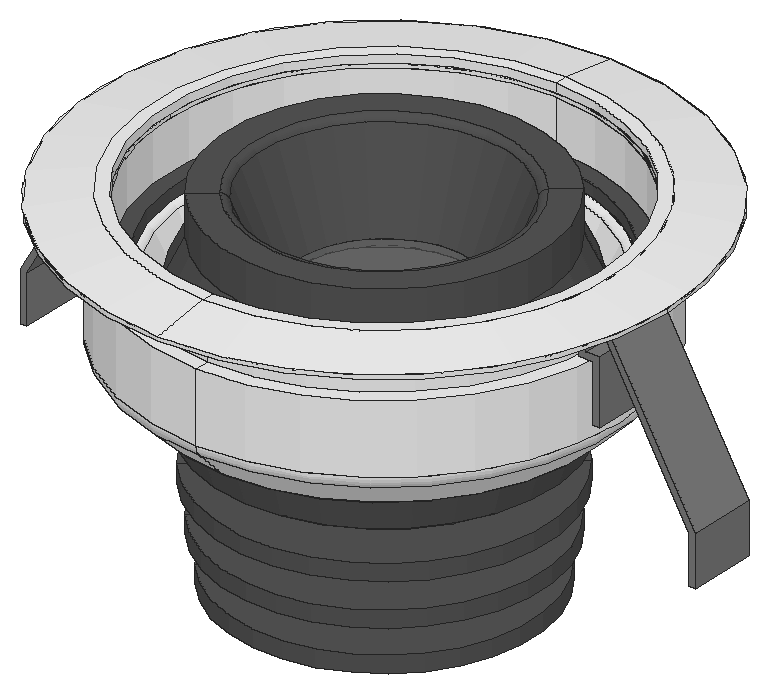
Revit family "Cameo 2.7", category Lighting Fixtures, host Face, Revit 2017
Family settings
  Host = Face
  Round Connector Dimension = Use Diameter
  Part Type = Normal
  Cut with Voids When Loaded = Yes
  Light Source = No
  Shared = No
  Room Calculation Point = Yes
Parameters (values of type "Cameo 2.7_J 65° (3000K 5W 24Vdc)")
  Wiring = "parallel"
  Width mm = 69.00 mm
  Weight kg = "0.15 kg"
  Voltage = 24 V
  Vertical rotation min = -20.00°
  Vertical rotation adjusted [instance] = if(Vertical rotation < Vertical rotation min, Vertical rotation min, if(Vertical rotation > Vertical rotation max, Vertical rotation max, Vertical rotation))  # 0.00°
  Vertical rotation [instance] = 0.00°
  Vertical rotation max = 20.00°
  Vertical Rotation max = 20.00°
  URL Technical sheet = "https://www.lucelight.it/media/prodotti/st/ST_CAMEO_27.pdf"
  URL Image = "https://www.lucelight.it/media/prodotti/foto/cameo_2.7_still.jpg"
  URL IES Photometric file = "https://www.lucelight.it/media/prodotti/fotometrie/cameo_2.7_ies.zip"
  URL General code = "https://www.lucelight.it/en/prodotto.php/118561#a-generacodice"
  URL Description = "https://www.lucelight.it/en/capitolato.php/118561"
  URL DXF = "https://www.lucelight.it/media/prodotti/dxf/cameo_2.7.dxf"
  URL Catalogue = "-"
  URL Accessories and power supply units = "https://www.lucelight.it/en/prodotto.php/118561#a-scheda-accessori"
  URL = "https://www.lucelight.it/en/prodotto.php/118561"
  Springs = L&L_C 67 annealed steel
  Radius void = 28.65 mm
  Power supply unit = "not included"
  Power supply = "24Vdc"
  Power cables = "includes 1.5 m PVC cable FROR 2x0.35/0.35 Ø3.5 m"
  Power = "5W"
  Optics = "65°"
  Notes = "The light beam can be precisely directed thanks to the great adjustability of the optical unit: rotation up to 360° around the vertical axis and 20° along the horizontal axis"
  No. and type of led = "1 power LED High Intensity, 3-step MacAdam, 50 000h L95 B10 (Ta 25°C)"
  Model = "Cameo 2.7"
  Manufacturer = "L&L Luce&Light"
  Light Source = Light Source : J65°
  Geometry 2 = Cameo2.7_mod : Cameo 2.7
  Mounting = "recessed (ceilings, and false ceilings and niches in plasterboard)"
  Material = "body and trim in aluminium"
  Lumen output at source = "452 lm (3000K)"
  Lens = L&L_Tempered extra-clear glass
  Length mm = 69.00 mm
  LED Colour = "3000K (also available: 2700K and 4000K - ref. URL Technical sheet)"
  L1 = 10.50 mm
  IP = "40"
  Horizontal rotation [instance] = 50.00°
  Horizontal rotation max = 360.00°
  Horizontal rotation adjusted [instance] = if(Horizontal rotation > Horizontal rotation max, Horizontal rotation max, Horizontal rotation)  # 50.00°
  Height void = 50.00 mm
  Height mm = 48.00 mm
  Geometry 1 = Cameo2.7_fixed : Cameo2.7_fixed
  Frame = L&L_Black anodized
  Features = "-"
  Energy efficiency class = "A A+ A++"
  Description = "Recessed for indoor applications"
  Delivered lumen output = "303 lm (3000K, 32°)"
  Default Elevation = 1219.20 mm
  Cutout dimensions = "diam. 65 mm"
  Control system = "-"
  Contact = "T: +39 0444 360571; E: lucelight@lucelight.it"
  Company = "L&L Luce&Light"
  Code = "CM2700100050SN Black; CM2700100050SE White"
  CRI = "90"
  Body = L&L_White anodized aluminium
  Geometry 3 = Cameo2.7_frame : Cameo2.7_frame
  Apparent Load Phase 1 = 5 W
Types (6, lengths in mm): name | Optics | Light Source
  Cameo 2.7_J 65° (3000K 5W 24Vdc) | "65°" | Light Source : J65°
  Cameo 2.7_L 32° (3000K 5W 24Vdc) | "32°" | Light Source : L32°
  Cameo 2.7_M 17° (3000K 5W 24Vdc) | "17°" | Light Source : M17°
  Cameo 2.7_P 19° (3000K 5W 24Vdc) | "19°" | Light Source : P19°
  Cameo 2.7_S 11° (3000K 5W 24Vdc) | "11°" | Light Source : S11°
  Cameo 2.7_W 13°x43° (3000K 5W 24Vdc) | "13°x43°" | Light Source : W13°x43°
Reference planes
  plane 1 "Center (Front/Back)": y = 0
  plane 2: z = 0
  plane 3 "Center (Left/Right)": x = 0
  plane 4: z = -50
Forms (mm)
  Extrusion 1, void
    sketch origin (0, 0, 0) x (-0.766044, -0.642788, 0) y (-0.642788, 0.766044, 0)
      loop
        circle (0, 0) r 28.65
    from 0 to 50
Lines and regions (mm)
  reference lines
    curve 1: line (0, 0, 0) -> (-6.749, 8.043, 0)
    curve 2: line (-6.749, 8.043, 0) -> (-6.749, 8.043, 1.5)
Dimensions and locks
  "L1": curve 1 to curve 1
  "Height void": plane 4 to plane 2
  "Radius void": radius of Extrusion 1 sketch curve
  "Horizontal rotation adjusted": angle curve 1 to plane 1 "Center (Front/Back)"
  aligned and locked: plane 2 to host face
  aligned and locked: level to host face
  aligned and locked: Extrusion 1 to plane 4
  aligned and locked: plane 2 to Extrusion 1
Automatic sketch dimensions
  host sketch curve to host sketch curve = 2438.40 mm  (x2)
  curve 2 to curve 1 = 0.00 mm  (x2)
  curve 1 to curve 2 = 1.50 mm
  plane 1 "Center (Front/Back)" to curve 1 = 0.00 mm
  curve 1 to plane 3 "Center (Left/Right)" = 0.00 mm
  Extrusion 1 sketch curve to curve 1 = 0.00 mm  (x2)
Nested families
  nested 1: "Cameo2.7_frame" at (0, 0, -7.3) x (0.6428, -0.766, 0) z (0, 0, 1), type <- "Geometry 3", type "Cameo2.7_frame", detail levels fine
  nested 2: "Cameo2.7_fixed" at (0, 0, 0), type <- "Geometry 1", type "Cameo2.7_fixed"
  nested 3: "Cameo2.7_mod" at (0, 0, -15.1) x (-0.6428, 0.766, 0) z (0, 0, 1), type <- "Geometry 2", Vertical rotation <- "Vertical rotation adjusted", type "Cameo 2.7"
    with Vertical rotation 0.00°
  nested 4: "Light Source" at (-0.867, 1.206, -9.899) x (0.766, 0.6428, 0) z (0, 0, 1), type <- "Light Source", type "J65°"
Connectors
  electrical at (0, 0, 0), driven by "Voltage", driven by "Apparent Load Phase 1"
    settings: on host face, index 1, voltage 24 V, apparent load 0 VA, apparent load phase1 5 VA, apparent load phase2 0 VA, apparent load phase3 0 VA, power factor 1, load classification "Lighting", number of poles 1, system type 31, power factor state 1, is connector primary yes, connector utility no, sub classification motor no, connector description ""
Definition of nested family "Cameo2.7_frame"
  Parameters (values of type "Cameo2.7_frame")
    Frame = none
    Default Elevation = 1219.20 mm
  Reference planes
    plane 1 "Light Source Axis (F/B)": y = 0
    plane 2: z = 0
    plane 3 "Light Source Axis (L/R)": x = 0
    plane 4 "Light Source Elevation": z = 1500
  Forms (mm)
    Extrusion 1, solid, material <- "Frame", detail levels medium+fine
      sketch origin (0, 0, 0) x (1, 0, 0) y (0, 1, 0)
        loop
          circle (0, 0) r 26.15
        loop
          circle (0, 0) r 24.22
      from 0 to 1.5
  Dimensions and locks
    aligned and locked: level to plane 2
Definition of nested family "Cameo2.7_fixed"
  Parameters (values of type "Cameo2.7_fixed")
    Springs = none
    Body = none
  Reference planes
    plane 1 "Light Source Axis (F/B)": y = 0
    plane 2: z = 0
    plane 3 "Light Source Axis (L/R)": x = 0
    plane 4 "Light Source Elevation": z = 1.5
    plane 5: y = 23.5
    plane 6: y = -23.5
    plane 7: z = -19.3
    plane 8: x = 26.05
    plane 9: x = -26.05
    plane 10: y = -26.05
    plane 11: y = 26.05
  Forms (mm)
    Extrusion 1, solid, material <- "Body", detail levels coarse
      sketch origin (0, 0, 0) x (1, 0, 0) y (0, 1, 0)
        loop
          circle (0, 0) r 34.5
      from -19.3 to 1.5
    Extrusion 2, solid, material <- "Body", detail levels medium
      sketch origin (0, 0, 0) x (1, 0, 0) y (0, 1, 0)
        loop
          circle (0, 0) r 34.5
        loop
          circle (0, 0) r 26.15
      from 0 to 1.5
    Revolve 3, solid, material <- "Body", detail levels medium
      sketch origin (0, 0, 0) x (0, 1, 0) y (0, 0, 1)
        loop
          line (-28.65, 0) -> (-28.65, -19.3) -> (-21.781, -19.3) -> (-21.781, -15.386) -> (-26.05, -15.386) -> (-26.05, 0) -> (-28.65, 0)
        axis (0, 0) -> (0, -19.3)
      angle from 0 to 360
    Revolve 4, solid, material <- "Body", detail levels fine
      sketch origin (0, 0, 0) x (0, 1, 0) y (0, 0, 1)
        loop
          line (-34.5, 0.5) -> (-26.15, 0.5) -> (-26.15, 1.5) -> (-27.65, 1.5) -> (-34.5, 0.5)
        axis (0, 1.5) -> (0, 0.5)
      angle from 0 to 360
    Extrusion 5, solid, material <- "Body", detail levels fine
      sketch origin (0, 0, 0) x (1, 0, 0) y (0, 1, 0)
        loop
          circle (0, 0) r 34.5
        loop
          circle (0, 0) r 26.15
      from 0 to 0.5
    Revolve 6, solid, material <- "Body", detail levels fine
      sketch origin (0, 0, 0) x (0, 1, 0) y (0, 0, 1)
        loop
          line (-28.65, 0) -> (-28.65, -2.6) -> (-26.9, -2.6) -> (-26.9, -5.6) -> (-28.65, -5.6) -> (-28.65, -13.974)
          arc (-28.65, -13.974) -> (-28.497, -14.738) -> (-28.064, -15.386) r 2
          line (-28.064, -15.386) -> (-24.443, -19.007)
          arc (-24.443, -19.007) -> (-24.118, -19.224) -> (-23.736, -19.3) r 1
          line (-23.736, -19.3) -> (-22.12, -19.3) -> (-22.12, -18.328)
          arc (-22.12, -18.328) -> (-22.397, -14.447) -> (-21.998, -10.576) r 22.389
          line (-21.998, -10.576) -> (-23.324, -7.853)
          arc (-23.324, -7.853) -> (-23.692, -7.449) -> (-24.218, -7.3) r 1
          line (-24.218, -7.3) -> (-26.15, -7.3) -> (-26.15, 0) -> (-28.65, 0)
        axis (0, 0) -> (0, -19.3)
      angle from 0 to 360
  Dimensions and locks
    plane 7 to plane 4 "Light Source Elevation" = 20.80 mm
    plane 4 "Light Source Elevation" to plane 7 = 20.80 mm
    aligned and locked: level to plane 2
    aligned and locked: Extrusion 1 to plane 4 "Light Source Elevation"
    aligned and locked: plane 7 to Extrusion 1
  Nested families
    nested 1: "Springs" at (28.65, 5.4, -12.5) x (0, 1, 0) z (0, 0, -1), type "Springs", detail levels fine
    nested 2: "Springs" at (-28.65, 5.4, -12.5) x (0, 1, 0) z (0, 0, -1), type "Springs", detail levels fine
  Definition of nested family "Springs"
    Parameters (values of type "Springs")
      Springs = none
      Default Elevation = 1219.20 mm
    Reference planes
      plane 1 "Light Source Axis (F/B)": y = 0
      plane 2: z = 0
      plane 3 "Light Source Axis (L/R)": x = 0
      plane 4 "Light Source Elevation": z = 1500
    Forms (mm)
      Extrusion 1, solid, material <- "Springs"
        sketch origin (-1.4, -105.269, -78.274) x (0, 1, 0) y (0, 0, -1)
          loop
            line (103.963, -66.336) -> (92.769, -85.724) -> (92.769, -91.724) -> (93.569, -91.724) -> (93.569, -85.939) -> (104.469, -67.059) -> (104.469, -69.174) -> (106.169, -69.174) -> (106.169, -70.574) -> (104.469, -70.574) -> (104.469, -78.274) -> (105.269, -78.274) -> (105.269, -71.374) -> (106.969, -71.374) -> (106.969, -68.374) -> (105.269, -68.374) -> (105.269, -66.686)
            arc (105.269, -66.686) -> (104.75, -66.01) -> (103.963, -66.336) r 0.7
        from 0 to 8
    Dimensions and locks
      aligned and locked: level to plane 2
Definition of nested family "Cameo2.7_mod"
  Parameters (values of type "Cameo 2.7")
    Vertical rotation [instance] = 10.00°
    Lens = none
    Frame = none
    Default Elevation = 1219.20 mm
  Reference planes
    plane 1 "Light Source Axis (F/B)": y = 0
    plane 2: z = 0
    plane 3 "Light Source Axis (L/R)": x = 0
    plane 4 "Light Source Elevation": z = 0
    plane 5: z = 0
  Lines and regions (mm)
    reference lines
      curve 1: line (0, 0, -6.093) -> (0, 0, 0)
      curve 2: line (0, 0, 0) -> (-135.711, 0, 23.929)
  Dimensions and locks
    "Vertical rotation": angle curve 2 to plane 5
    aligned and locked: level to plane 2
  Automatic sketch dimensions
    curve 2 to level = 0.00 mm
    curve 2 to plane 3 "Light Source Axis (L/R)" = 0.00 mm
    curve 1 to curve 1 = 6.093 mm
  Nested families
    nested 1: "Cameo2.7_movable" at (2.83, 0, 16.052) x (-0.9848, 0, 0.1736) z (0.1736, 0, 0.9848), type "Cameo2.7_movable"
  Definition of nested family "Cameo2.7_movable"
    Parameters (values of type "Cameo2.7_movable")
      Lens = none
      Frame = none
      Default Elevation = 1219.20 mm
    Reference planes
      plane 1 "Light Source Axis (F/B)": y = 0
      plane 2: z = 0
      plane 3 "Light Source Axis (L/R)": x = 0
      plane 4 "Light Source Elevation": z = 1500
      plane 5: y = -7.5
      plane 6: y = -22
      plane 7: y = -19
      plane 8: y = -12
    Forms (mm)
      Revolve 1, solid, material <- "Frame", detail levels fine
        sketch origin (0, 0, 0) x (0, 1, 0) y (0, 0, 1)
          loop
            line (-19, 0) -> (-19, -4.734)
            arc (-19, -4.734) -> (-22.201, -14.932) -> (-20.276, -25.446) r 22.244
            line (-20.276, -25.446) -> (-19.364, -26.035) -> (-11.5, -26.035) -> (-11.5, -29.535) -> (-19.75, -29.535) -> (-19.75, -31.535) -> (-10, -31.535) -> (-10, -35.035) -> (-19, -35.035) -> (-19, -37.034) -> (-8, -37.034) -> (-8, -40.534) -> (-18, -40.534) -> (-18, -42.535) -> (0, -42.535) -> (0, -11.919) -> (-10.522, -11.919) -> (-10.522, -11.099) -> (-14.747, -0.659)
            arc (-14.747, -0.659) -> (-15.105, -0.182) -> (-15.674, 0) r 0.981
            line (-15.674, 0) -> (-19, 0)
          axis (0, 0) -> (0, -42.535)
        angle from 0 to 360
      Extrusion 2, solid, material <- "Lens", detail levels fine
        sketch origin (0, 0, 0) x (1, 0, 0) y (0, 1, 0)
          loop
            circle (0, 0) r 10.52
        from -11.919 to -11.099
      Revolve 3, solid, material <- "Frame", detail levels medium
        sketch origin (0, 0, 0) x (0, 1, 0) y (0, 0, 1)
          loop
            line (-12, -0.82) -> (-12, 0) -> (-18, 0) -> (-18, -38.435) -> (0, -38.435) -> (0, -0.82) -> (-12, -0.82)
          axis (0, 0) -> (0, -38.435)
        angle from 0 to 360
      Extrusion 4, solid, material <- "Lens", detail levels medium
        sketch origin (0, 0, 4.78) x (1, 0, 0) y (0, 1, 0)
          loop
            circle (0, 0) r 12
        from -5.6 to -4.78
      Revolve 5, solid, material <- "Frame", detail levels coarse
        sketch origin (0, 0, 0) x (0, 1, 0) y (0, 0, 1)
          loop
            line (0, 0) -> (-18, 0) -> (-18, -38.435) -> (0, -38.435) -> (0, 0)
          axis (0, 0) -> (0, -38.435)
        angle from 0 to 360
    Dimensions and locks
      aligned and locked: level to plane 2
Definition of nested family "Light Source"
  Parameters (values of type "J65°")
    Wattage = 5 W
    built-in parameter 1150110 = 1 (stored number, unit not read)
    built-in parameter 1114217 = 1 (stored number, unit not read)
    Tilt Angle = 0.00°
    built-in parameter 1150109 = 1 (stored number, unit not read)
    built-in parameter 1150134 = (empty or 0)
    built-in parameter 1150113 = 1 (stored number, unit not read)
    Photometric Web File = "CAMEO 2.7 J 65° [3000K 5W 24Vdc].IES"
    Lumens = 742.71 lm
    built-in parameter 1150115 = 1 (stored number, unit not read)
    built-in parameter 1150105 = 59.103 (stored number, unit not read)
    built-in parameter 1150137 = (empty or 0)
    built-in parameter 1150139 = (empty or 0)
    built-in parameter 1150112 = 1 (stored number, unit not read)
    built-in parameter 1150114 = 1 (stored number, unit not read)
    built-in parameter 1150132 = 2
    built-in parameter 1150102 = (empty or 0)
    built-in parameter 1150138 = (empty or 0)
    built-in parameter 1150107 = 3000 (stored number, unit not read)
    built-in parameter 1150106 = 0.59103 (stored number, unit not read)
    built-in parameter 1150104 = 13.8 (stored number, unit not read)
    Dimming Lamp Color Temperature Shift = (empty or 0)
    Default Elevation = 1219.20 mm
    Color Filter = 16777215
    built-in parameter 1114218 = 1 (stored number, unit not read)
    built-in parameter 1150133 = 10 (stored number, unit not read)
  Types (6, lengths in mm): name | Photometric Web File
    J65° | "CAMEO 2.7 J 65° [3000K 5W 24Vdc].IES"
    L32° | "CAMEO 2.7 L 32° [3000K 5W 24Vdc].IES"
    M17° | "CAMEO 2.7 M 17° [3000K 5W 24Vdc].IES"
    P19° | "CAMEO 2.7 P (19°) [3000K 5W 24Vdc].IES"
    S11° | "CAMEO 2.7 S 11° [3000K 5W 24Vdc].IES"
    W13°x43° | "CAMEO 2.7 W 13°x43° [3000K 5W 24Vdc].IES"
  Reference planes
    plane 1 "Light Source Axis (F/B)": y = 0
    plane 2: z = 0
    plane 3 "Light Source Axis (L/R)": x = 0
    plane 4 "Light Source Elevation": z = 0
  Dimensions and locks
    aligned and locked: plane 1 "Light Source Axis (F/B)" to imposter light
    aligned and locked: level to plane 2
